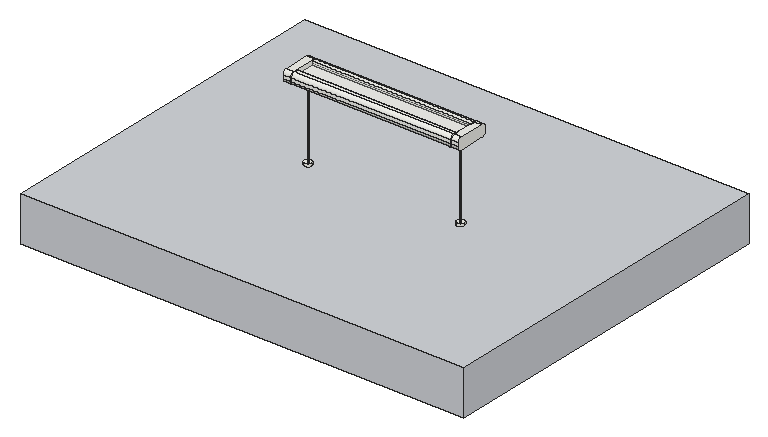
Revit family "M_Luminária de forro - Linear - 2 Lâmpadas", category Luminárias, Revit 2019
Family settings
  Hospedeiro = Face
  Cota do conector redondo = Utilizar diâmetro
  Tipo de parte = Normal
  Número OmniClass = 23.80.70.11.11
  Título OmniClass = General Luminaries, Non Directional
  ID de item do Seek = Pendant Light - Linear - 2 Lamp-0000-CAN-ENU
  Corte com vazios quando carregada = Não
  Fonte luminosa = Sim
  Compartilhado = Não
  Ponto de cálculo do ambiente = Não
Parameters (values of type "1200mm - 120V")
  Wattage = 64 W
  built-in parameter 1150110 = 1 (stored number, unit not read)
  built-in parameter 1150109 = 1 (stored number, unit not read)
  built-in parameter 1150134 = 8
  built-in parameter 1150113 = 1 (stored number, unit not read)
  Tilt Angle = -90.00°
  Arquivo de rede fotométrica = "482T12.ies"
  Lumens = 6000 lm
  built-in parameter 1114217 = 0.88 (stored number, unit not read)
  built-in parameter 1150115 = 1 (stored number, unit not read)
  built-in parameter 1150105 = 477.46 (stored number, unit not read)
  Classificação de carga = Iluminação - Unidade de interrupção
  built-in parameter 1150137 = 1
  built-in parameter 1150139 = (empty or 0)
  Material do armário de luz = Aço, acabamento de pintura, marfim, com brilho
  Comprimento de caixa de luz = 1200 mm
  built-in parameter 1150112 = 1 (stored number, unit not read)
  built-in parameter 1150114 = 1 (stored number, unit not read)
  Lâmpada = "T-12"
  built-in parameter 1150132 = (empty or 0)
  built-in parameter 1150102 = (empty or 0)
  built-in parameter 1150138 = (empty or 0)
  built-in parameter 1150107 = 4230 (stored number, unit not read)
  built-in parameter 1150106 = 4.7746 (stored number, unit not read)
  Emit from Rectangle Width = 127.6 mm
  Emitir do comprimento do retângulo = Comprimento de caixa de luz - 102 mm  # 1098 mm
  Emitir forma visível na renderização = no
  built-in parameter 1150104 = 8.7097 (stored number, unit not read)
  Cair do forro = 600 mm
  Troca de temperatura da cor de lâmpada com esmaecimento = <Nenhum>
  Material do difusor = Vidro, Branco, Alta Luminosidade
  Elevação-padrão = 1200 mm
  Filtro de cor = 16777215
  Material montado no forro = Aço, acabamento de pintura, marfim, com brilho
  built-in parameter 1140040 [instance] = 1
  Voltagem do transformador = 120 V
  Transformador por número de postes = 1
  built-in parameter 1114218 = 0.88 (stored number, unit not read)
  built-in parameter 1150133 = 10 (stored number, unit not read)
  Código de montagem = "D5020210"
  Carga aparente = 64 VA
Types (4, lengths in mm): name | Wattage | Arquivo de rede fotométrica | Lumens | built-in parameter 1150105 | Comprimento de caixa de luz | built-in parameter 1150106 | Emit from Rectangle Width | Emitir do comprimento do retângulo | built-in parameter 1150104 | Cair do forro | Voltagem do transformador | Código de montagem | Carga aparente
  1200mm - 120V | 64 W | "482T12.ies" | 6000 lm | 477.46 (stored number, unit not read) | 1200 | 4.7746 (stored number, unit not read) | 127.6 | 1098 | 8.7097 (stored number, unit not read) | 600 | 120 V | "D5020210" | 64 VA
  1200mm - 277V | 64 W | "482T12.ies" | 6000 lm | 477.46 (stored number, unit not read) | 1200 | 4.7746 (stored number, unit not read) | 228.6 | 1098 | 8.7097 (stored number, unit not read) | 600 | 277 V | 0 | 64 VA
  2400mm - 120V | 150 W | "962T12.ies" | 12600 lm | 1002.7 (stored number, unit not read) | 2400 | 10.027 (stored number, unit not read) | 228.6 | 2298 | 7.8039 (stored number, unit not read) | 300 | 120 V | 0 | 150 VA
  2400mm - 277V | 150 W | "962T12.ies" | 12600 lm | 1002.7 (stored number, unit not read) | 2400 | 10.027 (stored number, unit not read) | 228.6 | 2298 | 7.8039 (stored number, unit not read) | 300 | 277 V | 0 | 150 VA
Reference planes
  plane 1 "Centro (Frente/Trás)": y = 0
  plane 2: z = 0
  plane 3 "Centro (Esquerda/Direita)": x = 0
  plane 4: x = -600
  plane 5: x = 600
  plane 6: x = -549.2
  plane 7: x = 549.2
  plane 8: x = -523.8
  plane 9: x = 523.8
  plane 10: z = 600
  plane 11: z = 587.3
  plane 12: z = 574.6
  plane 13: z = 523.8
  plane 14: z = 12.7
  plane 15: y = 88.9
  plane 16: y = -88.9
  plane 17: z = 549.2
  plane 18: y = 63.5
  plane 19: y = -63.5
Forms (mm)
  Extrusion 1, solid
    sketch origin (0, 0, 0) x (1, 0, 0) y (0, 1, 0)
      loop
        line (-1524, 1219.2) -> (-1524, -1219.2) -> (1524, -1219.2) -> (1524, 1219.2) -> (-1524, 1219.2)
    from 0 to -304.8
  Extrusion 2, solid, material "Aço, acabamento de pintura, marfim, com brilho" <- "Material montado no forro"
    sketch origin (0, 0, 0) x (1, 0, 0) y (0, 1, 0)
      loop
        circle (-523.8, 0) r 25.4
    from 0 to 12.7
  Extrusion 3, solid, material "Aço, acabamento de pintura, marfim, com brilho" <- "Material montado no forro"
    sketch origin (0, 0, 0) x (1, 0, 0) y (0, 1, 0)
      loop
        circle (-523.8, 0) r 3.175
    from 0 to 523.8
  Extrusion 4, solid, material "Aço, acabamento de pintura, marfim, com brilho" <- "Material montado no forro"
    sketch origin (0, 0, 0) x (1, 0, 0) y (0, 1, 0)
      loop
        circle (523.8, 0) r 25.4
    from 0 to 12.7
  Extrusion 5, solid, material "Aço, acabamento de pintura, marfim, com brilho" <- "Material montado no forro"
    sketch origin (0, 0, 0) x (1, 0, 0) y (0, 1, 0)
      loop
        circle (523.8, 0) r 3.134
    from 0 to 523.8
  Extrusion 6, solid, material "Aço, acabamento de pintura, marfim, com brilho" <- "Material do armário de luz"
    sketch origin (0, 0, 0) x (0, 1, 0) y (0, 0, 1)
      loop
        line (88.9, 600) -> (-88.9, 600)
        arc (-88.9, 600) -> (-106.861, 592.561) -> (-114.3, 574.6) r 25.4
        line (-114.3, 574.6) -> (-114.3, 549.2)
        arc (-114.3, 549.2) -> (-106.861, 531.239) -> (-88.9, 523.8) r 25.4
        line (-88.9, 523.8) -> (88.9, 523.8)
        arc (88.9, 523.8) -> (106.861, 531.239) -> (114.3, 549.2) r 25.4
        line (114.3, 549.2) -> (114.3, 574.6)
        arc (114.3, 574.6) -> (106.861, 592.561) -> (88.9, 600) r 25.4
    from -549.2 to 549.2
  Extrusion 7, solid, material "Aço, acabamento de pintura, marfim, com brilho" <- "Material do armário de luz"
    sketch origin (0, 0, 0) x (0, 1, 0) y (0, 0, 1)
      loop
        line (114.3, 549.2) -> (114.3, 574.6)
        arc (114.3, 574.6) -> (106.861, 592.561) -> (88.9, 600) r 25.4
        line (88.9, 600) -> (-88.9, 600)
        arc (-88.9, 600) -> (-106.861, 592.561) -> (-114.3, 574.6) r 25.4
        line (-114.3, 574.6) -> (-114.3, 549.2)
        arc (-114.3, 549.2) -> (-106.861, 531.239) -> (-88.9, 523.8) r 25.4
        line (-88.9, 523.8) -> (88.9, 523.8)
        arc (88.9, 523.8) -> (106.861, 531.239) -> (114.3, 549.2) r 25.4
    from -600 to -549.2
  Extrusion 8, solid, material "Aço, acabamento de pintura, marfim, com brilho" <- "Material do armário de luz"
    sketch origin (0, 0, 0) x (0, 1, 0) y (0, 0, 1)
      loop
        arc (-88.9, 600) -> (-106.861, 592.561) -> (-114.3, 574.6) r 25.4
        line (-114.3, 574.6) -> (-114.3, 549.2)
        arc (-114.3, 549.2) -> (-106.861, 531.239) -> (-88.9, 523.8) r 25.4
        line (-88.9, 523.8) -> (88.9, 523.8)
        arc (88.9, 523.8) -> (106.861, 531.239) -> (114.3, 549.2) r 25.4
        line (114.3, 549.2) -> (114.3, 574.6)
        arc (114.3, 574.6) -> (106.861, 592.561) -> (88.9, 600) r 25.4
        line (88.9, 600) -> (-88.9, 600)
    from 549.2 to 600
  Extrusion 9, void
    sketch origin (0, 0, 0) x (0, 1, 0) y (0, 0, 1)
      loop
        line (63.5, 600) -> (-63.5, 600) -> (-63.5, 574.6) -> (63.5, 574.6) -> (63.5, 600)
    from -549.2 to 549.2
  Extrusion 10, solid, material "Vidro, Branco, Alta Luminosidade" <- "Material do difusor"
    sketch origin (0, 0, 0) x (0, 1, 0) y (0, 0, 1)
      loop
        line (-63.5, 600) -> (-63.5, 587.3) -> (63.5, 587.3) -> (63.5, 600) -> (-63.5, 600)
    from -549.2 to 549.2
Cuts and joins
  joined: Extrusion 2, Extrusion 4
  Extrusion 9 cuts Extrusion 6
Lines and regions (mm)
  symbolic lines
    curve 1: line (-600, 114.3, 0) -> (-600, -114.3, 0)
    curve 2: line (-600, 114.3, 0) -> (600, 114.3, 0)
    curve 3: line (600, 114.3, 0) -> (600, -114.3, 0)
    curve 4: line (600, -114.3, 0) -> (-600, -114.3, 0)
    curve 5: circle (-523.8, 0, 0) r 25.4 normal (0, 0, 1)
    curve 6: circle (523.8, 0, 0) r 25.4 normal (0, 0, 1)
Dimensions and locks
  equal spacing: plane 4, plane 3 "Centro (Esquerda/Direita)", plane 5
  "Comprimento de caixa de luz": plane 4 to plane 5
  locked: plane 4 to plane 6 at 50.8
  locked: plane 7 to plane 5 at 50.8
  "Cair do forro": plane 10 to plane 2
  plane 10 to plane 11 = 12.7 mm
  plane 10 to plane 12 = 25.4 mm
  plane 10 to plane 13 = 76.2 mm
  plane 14 to plane 2 = 12.7 mm
  equal spacing: plane 15, plane 1 "Centro (Frente/Trás)", plane 16
  plane 15 to plane 16 = 177.8 mm
  plane 12 to plane 17 to plane 13 = 25.4 mm, 25.4 mm
  plane 1 "Centro (Frente/Trás)" to plane 19 = 63.5 mm
  plane 18 to plane 1 "Centro (Frente/Trás)" = 63.5 mm
  locked: plane 4 to plane 8 at 76.2
  locked: plane 9 to plane 5 at 76.2
  radius of Extrusion 3 sketch curve = 3.175 mm
  aligned and locked: plane 2 to Extrusion 1
  aligned and locked: level to Extrusion 1
  aligned and locked: Extrusion 4 to level
  aligned and locked: Extrusion 2 to level
  aligned and locked: plane 14 to Extrusion 2
  aligned and locked: Extrusion 4 to Extrusion 2
  aligned and locked: Extrusion 5 to level
  aligned and locked: Extrusion 3 to level
  aligned and locked: plane 13 to Extrusion 3
  aligned and locked: Extrusion 3 to Extrusion 5
  aligned and locked: plane 16 to Extrusion 6 sketch curve  (x4)
  aligned and locked: plane 15 to Extrusion 6 sketch curve  (x4)
  aligned and locked: plane 12 to Extrusion 6 sketch curve  (x3)
  aligned and locked: plane 17 to Extrusion 6 sketch curve  (x4)
  aligned and locked: plane 7 to Extrusion 6
  aligned and locked: Extrusion 6 to plane 6
  aligned and locked: Extrusion 7 sketch curve to Extrusion 6  (x4)
  aligned and locked: Extrusion 7 to plane 4
  aligned and locked: plane 6 to Extrusion 7
  aligned and locked: Extrusion 8 sketch curve to Extrusion 6  (x2)
  aligned and locked: plane 5 to Extrusion 8
  aligned and locked: Extrusion 8 to plane 7
  aligned and locked: Extrusion 9 sketch curve to plane 10
  aligned and locked: plane 12 to Extrusion 9 sketch curve
  aligned and locked: Extrusion 9 sketch curve to plane 19
  aligned and locked: plane 18 to Extrusion 9 sketch curve
  aligned and locked: plane 7 to Extrusion 9
  aligned and locked: Extrusion 9 to plane 6
  aligned and locked: Extrusion 10 sketch curve to plane 10
  aligned and locked: plane 19 to Extrusion 10 sketch curve
  aligned and locked: plane 10 to Extrusion 10 sketch curve
  aligned and locked: plane 11 to Extrusion 10 sketch curve  (x2)
  aligned and locked: plane 18 to Extrusion 10 sketch curve
  aligned and locked: plane 7 to Extrusion 10
  aligned and locked: Extrusion 10 to plane 6
  aligned and locked: curve 1 to Extrusion 7
  aligned and locked: plane 4 to curve 4
  aligned and locked: plane 5 to curve 4
  aligned and locked: curve 3 to plane 5
  aligned and locked: plane 9 to curve 6
  aligned and locked: plane 1 "Centro (Frente/Trás)" to curve 6
  aligned and locked: plane 8 to curve 5
  aligned and locked: plane 1 "Centro (Frente/Trás)" to curve 5
  aligned and locked: Extrusion 6 sketch curve to plane 10
  aligned and locked: plane 13 to Extrusion 6 sketch curve
  aligned and locked: plane 3 "Centro (Esquerda/Direita)" to imposter light
  aligned and locked: plane 1 "Centro (Frente/Trás)" to imposter light
  aligned and locked: plane 11 to imposter light
Automatic sketch dimensions
  Extrusion 1 sketch curve to Extrusion 1 sketch curve = 3048 mm
  Extrusion 1 sketch curve to Extrusion 1 sketch curve = 2438.4 mm
  Extrusion 2 sketch curve to plane 1 "Centro (Frente/Trás)" = 0 mm
  Extrusion 2 sketch curve to plane 8 = 0 mm
  Extrusion 3 sketch curve to plane 1 "Centro (Frente/Trás)" = 0 mm
  Extrusion 3 sketch curve to plane 8 = 0 mm
  Extrusion 4 sketch curve to plane 1 "Centro (Frente/Trás)" = 0 mm
  Extrusion 4 sketch curve to plane 9 = 0 mm
  Extrusion 5 sketch curve to plane 1 "Centro (Frente/Trás)" = 0 mm
  Extrusion 5 sketch curve to plane 9 = 0 mm
  Extrusion 7 sketch curve to plane 15 = 0 mm
  Extrusion 7 sketch curve to plane 16 = 0 mm
  Extrusion 8 sketch curve to plane 15 = 0 mm
  Extrusion 8 sketch curve to plane 16 = 0 mm
  curve 3 to plane 15 = 25.4 mm
  plane 16 to curve 4 = 25.4 mm
  radius of Extrusion 2 sketch curve = 25.4 mm
  radius of Extrusion 4 sketch curve = 25.4 mm
  radius of Extrusion 5 sketch curve = 3.134 mm
  radius of curve 5 = 25.4 mm
  radius of curve 6 = 25.4 mm
Connectors
  electrical at (0, 0, 600), driven by "Carga aparente", driven by "Voltagem do transformador", driven by "Transformador por número de postes", driven by "Classificação de carga"
    settings: on Extrusion 10, index 1, voltage 120 V, apparent load 0 VA, apparent load phase1 64 VA, apparent load phase2 0 VA, apparent load phase3 0 VA, power factor 0.95, load classification "Iluminação - Unidade de interrupção", number of poles 1, system type 31, power factor state 1, is connector primary yes, connector utility no, sub classification motor no, connector description ""
